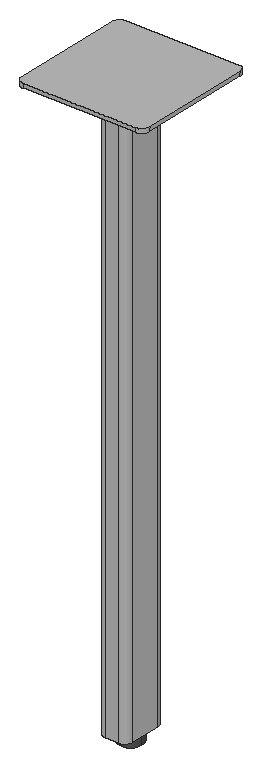
Revit family "Haworth_ActiveComponents_ColumnLeg_BUILD", category Furniture Systems, Revit 2015
Parameters (values of type "Column Leg")
  Warranty = "https://www.haworth.com/resources/product-info/warranties"
  URL - Product = "https://www.haworth.com/products/workspaces/accessories/active-components"
  URL = "www.haworth.com"
  Trim Finish = Haworth _ Paint _ Metallic Champagne
  Revision = "1"  # constant formula
  Note = "Verify Final Dim. w/ Haworth"  # constant formula
  Model = "AUC"  # constant formula
  Manufacturer = "Haworth"  # constant formula
  Leg Height = 28"  # constant formula
  Glide Finish = Haworth _ Polymer _ Black
  Description = "Haworth Active Components - Column Leg"  # constant formula
  Author = "Haworth (Alias)"  # constant formula
  Assembly Code = ""
Reference planes (in)
  plane 1 "Center (Front/Back)": y = 0
  plane 2 "Bottom": z = 0
  plane 3 "Center (Left/Right)": x = 0
  plane 4: z = 0.5
  plane 5 "Right": x = 0.6875
  plane 6 "Left": x = -0.6875
  plane 7 "Back": y = 1.09375
  plane 8 "Front": y = -1.09375
  plane 9: z = 28
  plane 10: z = 27.8125
Forms (in)
  Extrusion 1, solid, material "Haworth _ Paint _ Metallic Champagne" <- "Trim Finish"
    sketch origin (0, 0, 2.5625) x (-1, 0, 0) y (0, -1, 0)
      loop
        arc (0.3125, -1.09375) -> (0.57767, -0.98392) -> (0.6875, -0.71875) r 0.375
        line (0.6875, -0.71875) -> (0.6875, 0.71875)
        arc (0.6875, 0.71875) -> (0.57767, 0.98392) -> (0.3125, 1.09375) r 0.375
        line (0.3125, 1.09375) -> (-0.3125, 1.09375)
        arc (-0.3125, 1.09375) -> (-0.57767, 0.98392) -> (-0.6875, 0.71875) r 0.375
        line (-0.6875, 0.71875) -> (-0.6875, -0.71875)
        arc (-0.6875, -0.71875) -> (-0.57767, -0.98392) -> (-0.3125, -1.09375) r 0.375
        line (-0.3125, -1.09375) -> (0.3125, -1.09375)
    from -2.0625 to 25.25
  Extrusion 2, solid, material "Haworth _ Polymer _ Black" <- "Glide Finish"
    sketch origin (0, 0, 0) x (1, 0, 0) y (0, 1, 0)
      loop
        circle (0, 0) r 0.53553
    from 0 to 0.5
  Extrusion 3, solid, material "Haworth _ Paint _ Metallic Champagne" <- "Trim Finish"
    sketch origin (0, 0, 0) x (1, 0, 0) y (0, 1, 0)
      loop
        arc (-2.625, 3) -> (-2.89017, 2.89017) -> (-3, 2.625) r 0.375
        line (-3, 2.625) -> (-3, -2.625)
        arc (-3, -2.625) -> (-2.89017, -2.89017) -> (-2.625, -3) r 0.375
        line (-2.625, -3) -> (2.625, -3)
        arc (2.625, -3) -> (2.89017, -2.89017) -> (3, -2.625) r 0.375
        line (3, -2.625) -> (3, 2.625)
        arc (3, 2.625) -> (2.89017, 2.89017) -> (2.625, 3) r 0.375
        line (2.625, 3) -> (-2.625, 3)
    from 27.8125 to 28
Lines and regions (in)
  Masking region 1, detail levels medium+fine
    outline origin (0, 0, 0) x (1, 0, 0) y (0, 1, 0)
      loop
        arc (-0.3125, 1.09375) -> (-0.57767, 0.98392) -> (-0.6875, 0.71875) r 0.375
        line (-0.6875, 0.71875) -> (-0.6875, -0.71875)
        arc (-0.6875, -0.71875) -> (-0.57767, -0.98392) -> (-0.3125, -1.09375) r 0.375
        line (-0.3125, -1.09375) -> (0.3125, -1.09375)
        arc (0.3125, -1.09375) -> (0.57767, -0.98392) -> (0.6875, -0.71875) r 0.375
        line (0.6875, -0.71875) -> (0.6875, 0.71875)
        arc (0.6875, 0.71875) -> (0.57767, 0.98392) -> (0.3125, 1.09375) r 0.375
        line (0.3125, 1.09375) -> (-0.3125, 1.09375)
  symbolic lines, style "FurnitureSystemsHiddenLines", detail levels medium+fine
    curve 1: line (2.625, 3, 0) -> (-2.625, 3, 0)
    curve 2: arc (-2.625, 3, 0) -> (-2.89017, 2.89017, 0) -> (-3, 2.625, 0) r 0.375
    curve 3: line (-3, 2.625, 0) -> (-3, -2.625, 0)
    curve 4: arc (-3, -2.625, 0) -> (-2.89017, -2.89017, 0) -> (-2.625, -3, 0) r 0.375
    curve 5: line (-2.625, -3, 0) -> (2.625, -3, 0)
    curve 6: arc (2.625, -3, 0) -> (2.89017, -2.89017, 0) -> (3, -2.625, 0) r 0.375
    curve 7: line (3, -2.625, 0) -> (3, 2.625, 0)
    curve 8: arc (3, 2.625, 0) -> (2.89017, 2.89017, 0) -> (2.625, 3, 0) r 0.375
Dimensions and locks (in)
  level to plane 4 = 1/2"
  locked: plane 4 to plane 2 "Bottom" at 0.5
  equal spacing: plane 6 "Left", plane 3 "Center (Left/Right)", plane 5 "Right"
  locked: plane 6 "Left" to plane 5 "Right" at 1.375
  equal spacing: plane 8 "Front", plane 1 "Center (Front/Back)", plane 7 "Back"
  locked: plane 7 "Back" to plane 8 "Front" at 2.1875
  "Leg Height": plane 9 to plane 2 "Bottom"
  locked: plane 9 to plane 10 at 0.1875
  locked: plane 3 "Center (Left/Right)" to Extrusion 3 sketch curve at 3
  locked: Extrusion 3 sketch curve to plane 3 "Center (Left/Right)" at 3
  locked: Extrusion 3 sketch curve to plane 1 "Center (Front/Back)" at 3
  locked: plane 1 "Center (Front/Back)" to Extrusion 3 sketch curve at 3
  aligned and locked: Extrusion 2 to plane 2 "Bottom"
  aligned and locked: Extrusion 2 to plane 4
  aligned and locked: plane 4 to Extrusion 1
  aligned and locked: plane 1 "Center (Front/Back)" to Extrusion 2 sketch curve
  aligned and locked: plane 3 "Center (Left/Right)" to Extrusion 2 sketch curve
  aligned and locked: Extrusion 1 sketch curve to plane 5 "Right"
  aligned and locked: Extrusion 1 sketch curve to plane 6 "Left"
  aligned and locked: Extrusion 1 sketch curve to plane 7 "Back"
  aligned and locked: Extrusion 1 sketch curve to plane 8 "Front"
  aligned and locked: Masking region 1 sketch curve to plane 5 "Right"
  aligned and locked: Masking region 1 sketch curve to plane 7 "Back"
  aligned and locked: Masking region 1 sketch curve to plane 6 "Left"
  aligned and locked: Masking region 1 sketch curve to plane 8 "Front"
  aligned and locked: plane 10 to Extrusion 1
  aligned and locked: plane 9 to Extrusion 3
  aligned and locked: Extrusion 3 to plane 10
Automatic sketch dimensions
  plane 3 "Center (Left/Right)" to Extrusion 1 sketch curve = 5/16"  (x2)
  Extrusion 1 sketch curve to plane 3 "Center (Left/Right)" = 5/16"  (x2)
  Masking region 1 sketch curve to plane 3 "Center (Left/Right)" = 5/16"  (x2)
  plane 3 "Center (Left/Right)" to Masking region 1 sketch curve = 5/16"  (x2)
  Extrusion 3 sketch curve to Extrusion 3 sketch curve = 3/8"  (x3)
  plane 5 "Right" to Extrusion 3 sketch curve = 1 15/16"
  plane 6 "Left" to curve 3 = 2 5/16"
  curve 3 to curve 5 = 3/8"
  curve 2 to curve 1 = 3/8"
  plane 5 "Right" to curve 1 = 1 15/16"
  plane 5 "Right" to curve 5 = 1 15/16"
  curve 8 to curve 7 = 3/8"
  plane 8 "Front" to curve 5 = 1 29/32"
  plane 7 "Back" to curve 2 = 1 17/32"
  radius of Extrusion 2 sketch curve = 0.53553"
